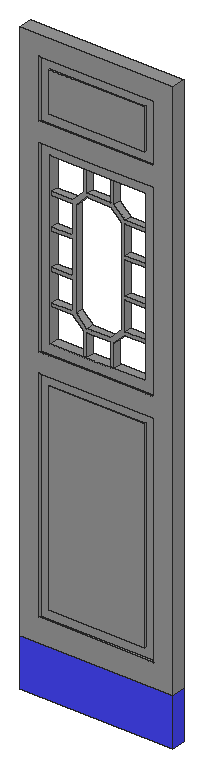
Revit family "Door 2", category 門, Revit 2022
Family settings
  主體 = 牆
  OmniClass 編號 = 23.30.10.00
  OmniClass 標題 = Doors
  總是垂直 = 是
  載入時使用空心切割 = 否
  共用 = 否
  房間計算點 = 否
Parameters
  粗略高度 = 寬度 + 100 mm  # 750 mm
  粗略寬度 = 高度 + 200 mm  # 2725 mm
  厚度 = 60 mm
  功能 = 室內
  外部框架投影 = 25 mm
  室內框架投影 = 25 mm
  框寬 = 7 mm
  高度 = 2525 mm
  牆封閉 = 依主體
  寬度 = 650 mm
  Base height = 200 mm
Reference planes
  plane 1 "中心室內/室外)": y = 0
  plane 2 "中心 (左/右)": x = 0
  plane 3 "左": x = -325
  plane 4 "右": x = 325
  plane 5 "Height": z = 2525
  plane 6 "外部": y = 30
  plane 7 "室內": y = -30
  plane 8: x = 400
  plane 9: x = -400
  plane 10: z = 200
  plane 11: z = 300
  plane 12: z = 1315
  plane 13: z = 1235
  plane 14: z = 2115
  plane 15: x = -245
  plane 16: x = 245
  plane 17: z = 2195
  plane 18: z = 2445
  plane 19: z = 1495
  plane 20: z = 1510
  plane 21: z = 1630
  plane 22: z = 1645
  plane 23: z = 1785
  plane 24: z = 1800
  plane 25: z = 1920
  plane 26: z = 1935
  plane 27: z = 2075
  plane 28: z = 1355
  plane 29: x = 205
  plane 30: x = 65
  plane 31: x = 50
  plane 32: x = -50
  plane 33: x = -65
  plane 34: x = -205
  plane 35: z = 1981
  plane 36: x = 111
  plane 37: x = -111
  plane 38: z = 1449
  plane 39: z = 1966
  plane 40: x = 96
  plane 41: z = 1464
  plane 42: x = -96
Forms (mm)
  Extrusion 1, solid, material "土層"
    sketch origin (0, 0, 0) x (1, 0, 0) y (0, 1, 0)
      loop
        line (-325, 30) -> (-325, -30) -> (325, -30) -> (325, 30) -> (-325, 30)
    from 0 to 200 <- "Base height"
  Extrusion 2, solid, material "油漆"
    sketch origin (-600, 0, 0) x (1, 0, 0) y (0, 1, 0)
      loop
        line (275, 30) -> (275, -30) -> (925, -30) -> (925, 30) -> (275, 30)
    from 200 <- "Base height" to 2525 <- "高度"
  Extrusion 3, void
    sketch origin (0, 0, 0) x (1, 0, 0) y (0, 0, -1)
      loop
        line (245, -2445) -> (245, -2195) -> (-245, -2195) -> (-245, -2445) -> (245, -2445)
      loop
        line (205, -2405) -> (205, -2235) -> (-205, -2235) -> (-205, -2405) -> (205, -2405)
      loop
        line (245, -1235) -> (245, -300) -> (-245, -300) -> (-245, -1235) -> (245, -1235)
      loop
        line (205, -1195) -> (205, -340) -> (-205, -340) -> (-205, -1195) -> (205, -1195)
    from 20 to 30
  Extrusion 4, void
    sketch origin (0, 0, 0) x (1, 0, 0) y (0, 0, -1)
      loop
        line (-245, -2115) -> (0, -2115) -> (245, -2115) -> (245, -1315) -> (0, -1315) -> (-245, -1315) -> (-245, -2115)
      loop
        line (0, -1355) -> (-205, -1355) -> (-205, -2075) -> (0, -2075) -> (205, -2075) -> (205, -1355) -> (0, -1355)
    from 20 to 30
  Extrusion 5, void
    sketch origin (0, 30, 0) x (1, 0, 0) y (0, 0, -1)
      loop
        line (-205, -2075) -> (205, -2075) -> (205, -1355) -> (-205, -1355) -> (-205, -2075)
    from -15 to 0
  Extrusion 6, void
    sketch origin (0, 0, 0) x (1, 0, 0) y (0, 0, 1)
      loop
        line (205, 2075) -> (65, 2075) -> (65, 1981) -> (111, 1935) -> (205, 1935) -> (205, 2075)
      loop
        line (205, 1920) -> (111, 1920) -> (111, 1800) -> (205, 1800) -> (205, 1920)
      loop
        line (205, 1785) -> (111, 1785) -> (111, 1645) -> (205, 1645) -> (205, 1785)
      loop
        line (205, 1630) -> (111, 1630) -> (111, 1510) -> (205, 1510) -> (205, 1630)
      loop
        line (-111, 1920) -> (-205, 1920) -> (-205, 1800) -> (-111, 1800) -> (-111, 1920)
      loop
        line (-111, 1785) -> (-205, 1785) -> (-205, 1645) -> (-111, 1645) -> (-111, 1785)
      loop
        line (-111, 1630) -> (-205, 1630) -> (-205, 1510) -> (-111, 1510) -> (-111, 1630)
      loop
        line (-65, 2075) -> (-205, 2075) -> (-205, 1935) -> (-111, 1935) -> (-65, 1981) -> (-65, 2075)
      loop
        line (205.297, 1495) -> (111, 1495) -> (65, 1449) -> (65, 1355) -> (205.297, 1355) -> (205.297, 1495)
      loop
        line (-205, 1495) -> (-205, 1355) -> (-65, 1355) -> (-65, 1449) -> (-111, 1495) -> (-205, 1495)
      loop
        line (50, 2075) -> (-50, 2075) -> (-50, 1981) -> (50, 1981) -> (50, 2075)
      loop
        line (50, 1449) -> (-50, 1449) -> (-50, 1355) -> (50, 1355) -> (50, 1449)
      loop
        line (50, 1966) -> (-50, 1966) -> (-96, 1920) -> (-96, 1510) -> (-50, 1464) -> (50, 1464) -> (96, 1510) -> (96, 1920) -> (50, 1966)
    from -30 to 30
  Extrusion 7, void
    sketch origin (0, 0, 0) x (1, 0, 0) y (0, 0, 1)
      loop
        line (205, 2405) -> (-205, 2405) -> (-205, 2235) -> (205, 2235) -> (205, 2405)
      loop
        line (205, 1195) -> (-205, 1195) -> (-205, 340) -> (205, 340) -> (205, 1195)
    from -30 to -27
  Extrusion 8, void
    sketch origin (0, 0, 0) x (1, 0, 0) y (0, 0, -1)
      loop
        line (205, -2405) -> (205, -2235) -> (-205, -2235) -> (-205, -2405) -> (205, -2405)
      loop
        line (205, -1195) -> (205, -340) -> (-205, -340) -> (-205, -1195) -> (205, -1195)
    from -30 to -27
  Extrusion 9, void
    sketch origin (0, 0, 0) x (1, 0, 0) y (0, 0, 1)
      loop
        line (245, 2445) -> (-245, 2445) -> (-245, 2195) -> (245, 2195) -> (245, 2445)
      loop
        line (205, 2405) -> (-205, 2405) -> (-205, 2235) -> (205, 2235) -> (205, 2405)
      loop
        line (245, 1235) -> (-245, 1235) -> (-245, 300) -> (245, 300) -> (245, 1235)
      loop
        line (205, 1195) -> (-205, 1195) -> (-205, 340) -> (205, 340) -> (205, 1195)
    from 20 to 30
  Extrusion 10, void
    sketch origin (0, -30, 0) x (1, 0, 0) y (0, 0, 1)
      loop
        line (-205, 2075) -> (-205, 1355) -> (205, 1355) -> (205, 2075) -> (-205, 2075)
    from -15 to 0
  Extrusion 11, void
    sketch origin (0, 0, 0) x (1, 0, 0) y (0, 0, 1)
      loop
        line (-245, 2115) -> (-245, 1315) -> (0, 1315) -> (245, 1315) -> (245, 2115) -> (0, 2115) -> (-245, 2115)
      loop
        line (0, 1355) -> (205, 1355) -> (205, 2075) -> (0, 2075) -> (-205, 2075) -> (-205, 1355) -> (0, 1355)
    from 20 to 30
Cuts and joins
  Extrusion 3, Extrusion 4, Extrusion 5, Extrusion 6, Extrusion 7, Extrusion 8, Extrusion 9, Extrusion 10, Extrusion 11 cuts Extrusion 2
Lines and regions (mm)
  Opening 1
    outline origin (-3050, -30, 0) x (1, 0, 0) y (0, 0, 1)
      loop
        line (2650, 0) -> (3450, 0) -> (3450, 2525) -> (2650, 2525) -> (2650, 0)
  symbolic lines, style "立面圖打開方向"
    curve 1: line (325, -30, 1262.5) -> (-325, -30, 2525)
    curve 2: line (325, -30, 1262.5) -> (-325, -30, 0)
  model lines
    curve 3: line (400, 30, 2525) -> (400, 30, 0)
    curve 4: line (-400, 30, 2525) -> (400, 30, 2525)
    curve 5: line (-400, 30, 0) -> (-400, 30, 2525)
Text (mm)
  text "Exterior" at (-2295.016, 1099.543, 0), in view "Ground"
  text "外部" at (0, 1615.38, 3698.081), in view "左"
  text "外部" at (0, 1036.032, 3874.932), in view "右"
Dimensions and locks
  equal spacing: plane 3 "左", plane 2 "中心 (左/右)", plane 4 "右"
  "寬度": plane 3 "左" to plane 4 "右"
  "高度": plane 5 "Height" to host wall
  host wall to plane 5 "Height" = 2525 mm
  host wall to plane 6 "外部" = 0 mm
  locked: plane 7 "室內" to host wall
  "Base height": level to plane 10
  plane 11 to plane 13 to plane 12 to plane 14 to plane 17 to plane 18 = 935 mm, 80 mm, 800 mm, 80 mm, 250 mm
  locked: plane 16 to plane 4 "右" at 80
  locked: plane 3 "左" to plane 15 at 80
  plane 10 to plane 5 "Height" = 2325 mm
  plane 28 to plane 19 to plane 20 to plane 21 to plane 22 to plane 23 to plane 24 to plane 25 to plane 26 to plane 27 = 140 mm, 15 mm, 120 mm, 15 mm, 140 mm, 15 mm, 120 mm, 15 mm, 140 mm
  plane 28 to plane 27 = 720 mm
  cut or joined group 1 (Extrusion 2, Extrusion 3, Extrusion 4, Extrusion 5, Extrusion 6, Extrusion 7, Extrusion 8, Extrusion 9, Extrusion 10, Extrusion 11) to plane 30 to plane 31 to plane 32 to plane 33 to cut or joined group 1 = 140 mm, 15 mm, 100 mm, 15 mm, 140 mm
  aligned and locked: Opening 1 sketch curve to level
  aligned and locked: plane 5 "Height" to curve 1
  aligned and locked: plane 3 "左" to curve 2
  aligned and locked: plane 1 "中心室內/室外)" to host wall
  aligned and locked: plane 3 "左" to curve 1
  aligned and locked: Opening 1 sketch curve to plane 8
  aligned and locked: plane 9 to Opening 1 sketch curve
  aligned and locked: plane 10 to Extrusion 1
  aligned and locked: Extrusion 1 sketch curve to host wall
  aligned and locked: Extrusion 2 to plane 4 "右"
  aligned and locked: plane 3 "左" to Extrusion 2
  aligned and locked: Extrusion 1 to Extrusion 2
  aligned and locked: Extrusion 2 to Extrusion 1  (x2)
  aligned and locked: host wall to Extrusion 2  (x2)
  aligned and locked: host wall to Extrusion 4
  aligned and locked: plane 5 "Height" to Opening 1 sketch curve
  aligned and locked: host wall to Extrusion 5
  aligned and locked: host wall to Extrusion 3
  aligned and locked: Extrusion 3 to plane 6 "外部"
  aligned and locked: Extrusion 6 sketch curve to plane 25  (x2)
  aligned and locked: Extrusion 6 sketch curve to plane 29  (x3)
  aligned and locked: plane 24 to Extrusion 6 sketch curve  (x2)
  aligned and locked: plane 36 to Extrusion 6 sketch curve  (x3)
  aligned and locked: Extrusion 6 sketch curve to plane 23  (x2)
  aligned and locked: plane 22 to Extrusion 6 sketch curve  (x2)
  aligned and locked: Extrusion 6 sketch curve to plane 21  (x2)
  aligned and locked: plane 20 to Extrusion 6 sketch curve  (x2)
  aligned and locked: plane 37 to Extrusion 6 sketch curve  (x3)
  aligned and locked: plane 34 to Extrusion 6 sketch curve  (x3)
  aligned and locked: host wall to Extrusion 6  (x2)
  aligned and locked: cut or joined group 1 to Extrusion 6 sketch curve
  aligned and locked: Extrusion 6 sketch curve to plane 31  (x2)
  aligned and locked: plane 35 to Extrusion 6 sketch curve
  aligned and locked: Extrusion 6 sketch curve to plane 32
  aligned and locked: plane 38 to Extrusion 6 sketch curve
  aligned and locked: plane 28 to Extrusion 6 sketch curve
  aligned and locked: plane 32 to Extrusion 6 sketch curve
  aligned and locked: Extrusion 6 sketch curve to plane 40
  aligned and locked: Extrusion 6 sketch curve to plane 42
  aligned and locked: Extrusion 6 sketch curve to plane 41
  aligned and locked: Extrusion 2 to plane 5 "Height"
  aligned and locked: Extrusion 3 sketch curve to plane 18
  aligned and locked: plane 16 to Extrusion 3 sketch curve  (x2)
  aligned and locked: plane 17 to Extrusion 3 sketch curve
  aligned and locked: Extrusion 3 sketch curve to plane 15  (x2)
  aligned and locked: Extrusion 3 sketch curve to plane 13
  aligned and locked: plane 11 to Extrusion 3 sketch curve
  aligned and locked: Extrusion 7 sketch curve to cut or joined group 1  (x8)
  aligned and locked: host wall to Extrusion 7
  aligned and locked: plane 7 "室內" to Extrusion 8
  aligned and locked: plane 7 "室內" to Extrusion 9
  aligned and locked: plane 7 "室內" to Extrusion 10
  aligned and locked: plane 7 "室內" to Extrusion 11
Automatic sketch dimensions
  plane 4 "右" to curve 2 = 0 mm
  curve 2 to level = 0 mm
  plane 13 to curve 2 = 27.5 mm
  curve 5 to level = 0 mm
  curve 5 to plane 9 = 0 mm
  curve 4 to plane 5 "Height" = 0 mm
  plane 8 to curve 4 = 0 mm
  curve 3 to level = 0 mm
  host wall to Extrusion 1 sketch curve = 0 mm
  Extrusion 1 sketch curve to plane 3 "左" = 0 mm
  Extrusion 1 sketch curve to plane 4 "右" = 0 mm
  host wall to Extrusion 2 sketch curve = 0 mm
  Extrusion 2 sketch curve to plane 3 "左" = 0 mm
  Extrusion 2 sketch curve to plane 4 "右" = 0 mm
  Extrusion 2 sketch curve to host wall = 0 mm
  Extrusion 3 sketch curve to plane 11 = 0 mm
  Extrusion 3 sketch curve to plane 15 = 40 mm  (x2)
  plane 16 to Extrusion 3 sketch curve = 40 mm  (x2)
  Extrusion 3 sketch curve to plane 18 = 40 mm
  plane 17 to Extrusion 3 sketch curve = 40 mm
  Extrusion 3 sketch curve to plane 13 = 40 mm
  plane 11 to Extrusion 3 sketch curve = 40 mm
  Extrusion 4 sketch curve to plane 12 = 0 mm
  plane 15 to Extrusion 4 sketch curve = 0 mm
  Extrusion 4 sketch curve to plane 2 "中心 (左/右)" = 0 mm  (x4)
  plane 16 to Extrusion 4 sketch curve = 0 mm
  Extrusion 4 sketch curve to plane 14 = 0 mm
  Extrusion 4 sketch curve to plane 15 = 40 mm
  plane 16 to Extrusion 4 sketch curve = 40 mm
  Extrusion 4 sketch curve to plane 14 = 40 mm
  plane 12 to Extrusion 4 sketch curve = 40 mm
  Extrusion 5 sketch curve to plane 15 = 40 mm
  plane 16 to Extrusion 5 sketch curve = 40 mm
  Extrusion 5 sketch curve to plane 14 = 40 mm
  plane 12 to Extrusion 5 sketch curve = 40 mm
  Extrusion 6 sketch curve to plane 28 = 0 mm  (x2)
  plane 34 to Extrusion 6 sketch curve = 0 mm
  Extrusion 6 sketch curve to plane 27 = 0 mm  (x2)
  Extrusion 6 sketch curve to plane 34 = 0 mm
  Extrusion 6 sketch curve to plane 26 = 0 mm  (x2)
  Extrusion 6 sketch curve to plane 37 = 0 mm  (x2)
  Extrusion 6 sketch curve to plane 19 = 0 mm  (x2)
  Extrusion 6 sketch curve to plane 33 = 0 mm
  plane 33 to Extrusion 6 sketch curve = 0 mm
  plane 32 to Extrusion 6 sketch curve = 0 mm  (x2)
  plane 31 to Extrusion 6 sketch curve = 0 mm  (x2)
  plane 30 to Extrusion 6 sketch curve = 0 mm  (x2)
  plane 36 to Extrusion 6 sketch curve = 0 mm  (x2)
  Extrusion 6 sketch curve to plane 29 = 0 mm
  Extrusion 6 sketch curve to plane 38 = 0 mm  (x2)
  Extrusion 6 sketch curve to plane 20 = 0 mm  (x2)
  Extrusion 6 sketch curve to plane 25 = 0 mm  (x2)
  Extrusion 6 sketch curve to plane 39 = 0 mm
  Extrusion 6 sketch curve to plane 35 = 0 mm  (x2)
  Extrusion 6 sketch curve to plane 29 = 0.297 mm
  Extrusion 8 sketch curve to plane 15 = 40 mm  (x2)
  plane 16 to Extrusion 8 sketch curve = 40 mm  (x2)
  Extrusion 8 sketch curve to plane 18 = 40 mm
  plane 17 to Extrusion 8 sketch curve = 40 mm
  Extrusion 8 sketch curve to plane 13 = 40 mm
  plane 11 to Extrusion 8 sketch curve = 40 mm
  plane 15 to Extrusion 9 sketch curve = 0 mm  (x2)
  Extrusion 9 sketch curve to plane 11 = 0 mm
  plane 16 to Extrusion 9 sketch curve = 0 mm  (x2)
  Extrusion 9 sketch curve to plane 13 = 0 mm
  Extrusion 9 sketch curve to plane 17 = 0 mm
  Extrusion 9 sketch curve to plane 18 = 0 mm
  Extrusion 9 sketch curve to plane 15 = 40 mm  (x2)
  plane 16 to Extrusion 9 sketch curve = 40 mm  (x2)
  plane 11 to Extrusion 9 sketch curve = 40 mm
  Extrusion 9 sketch curve to plane 13 = 40 mm
  plane 17 to Extrusion 9 sketch curve = 40 mm
  Extrusion 9 sketch curve to plane 18 = 40 mm
  Extrusion 10 sketch curve to plane 15 = 40 mm
  plane 16 to Extrusion 10 sketch curve = 40 mm
  plane 12 to Extrusion 10 sketch curve = 40 mm
  Extrusion 10 sketch curve to plane 14 = 40 mm
  Extrusion 11 sketch curve to plane 12 = 0 mm
  plane 15 to Extrusion 11 sketch curve = 0 mm
  Extrusion 11 sketch curve to plane 2 "中心 (左/右)" = 0 mm  (x4)
  plane 16 to Extrusion 11 sketch curve = 0 mm
  Extrusion 11 sketch curve to plane 14 = 0 mm
  Extrusion 11 sketch curve to plane 15 = 40 mm
  plane 16 to Extrusion 11 sketch curve = 40 mm
  plane 12 to Extrusion 11 sketch curve = 40 mm
  Extrusion 11 sketch curve to plane 14 = 40 mm
